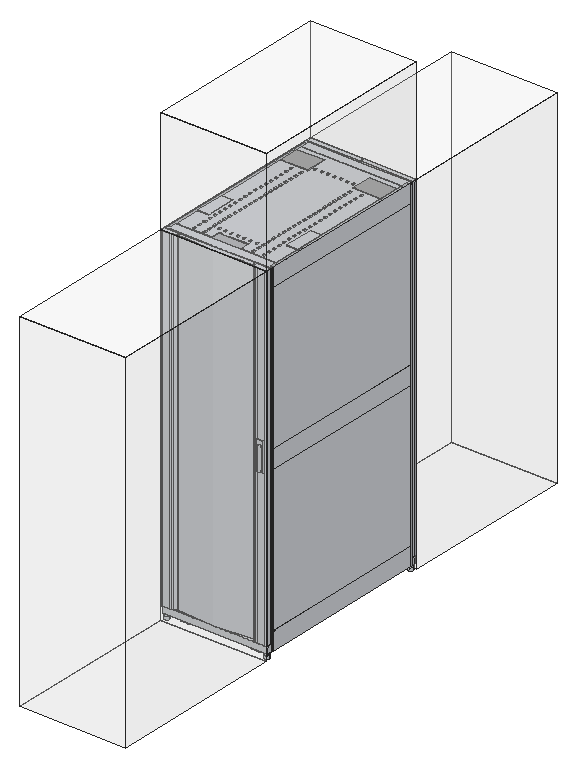
Revit family "BIM_NetShelter_SX_Series_Rack_Enclosure_21-jun-21", category Mechanical Equipment, Revit 2016
Family settings
  Part Type = Normal
  Round Connector Dimension = Use Diameter
  OmniClass Number = 23.75.00.00
  OmniClass Title = Climate Control (HVAC)
  Work Plane-Based = No
  Always vertical = Yes
  Cut with Voids When Loaded = No
  Shared = No
  Room Calculation Point = No
Parameters (values of type "AR3100 - NetShelter SX, 42U, 600mm Wide X 1070mm Depth")
  Width = 600 mm
  Wheel to Wheel-V = 941 mm
  W to W-H = 358 mm
  URL = "http://www.schneider-electric.com"
  Top Clearance = 600 mm
  Top Roof = 892 mm
  Slot 3 = no
  Slot 2 = no
  Slot 1 = yes
  Side Posts = Height - 36.5 mm  # 1954.5 mm
  Rear Clearance = 1000 mm
  Product URL = "https://www.apc.com/shop/in/en/products/APC-NetShelter-SX-42U-Server-Rack-Enclosure-600mm-x-1070mm-w-Sides-Black/P-AR3100"
  OSSS-L2 = 698 mm
  Number of small Slots L2 = 20
  Number of Small Slots L1 = 20
  Net Weight of Unit = 125.00 kg
  Model = "NetShelter SX"  # constant formula
  Manufacturer URL = "http://www.schneider-electric.com"
  Manufacturer = "Schneider-electric"  # constant formula
  Front Clearance = 1000 mm
  Foot to Foot-V = 1023 mm
  Foot to Foot-H = 570 mm
  Door1 = Height - 80.5 mm  # 1910.5 mm
  Door Radius = 1419 mm
  OSSS-L1 = 700 mm
  Length = 1070 mm
  Height = 1991 mm
  Handle to Handle = Length + 22 mm  # 1092 mm
  Door Width L1 = 431 mm
  Door = Height - 80.5 mm  # 1910.5 mm
  Description = "Racks and Enclosures"
  Default Elevation = 0 mm
  Cutout Width = 155 mm
  Cutout Height = 117 mm
  Cutout Distance = 590 mm
  Cutout 2 = no
  Cutout 1 = not(Cutout 2)  # yes
  Cut ref = 55 mm
  Copyright © = "©Schneider Electric"  # constant formula
  Clearance Visibility [instance] = yes
  Centre Slot = yes
  BS L5 = 773.5 mm
  BS-L3 = 531.5 mm
Reference planes
  plane 1 "Center (Front/Back)": y = 0
  plane 2: z = 0
  plane 3 "Center (Left/Right)": x = 0
  plane 4 "Height": z = 1991
  plane 5: y = -535
  plane 6 "Length": y = 535
  plane 7 "Brace Centre": z = 87.5
  plane 8 "Brace Centre2": z = 1014
  plane 9 "Brace Centre3": z = 1940.5
  plane 10: z = 1889.5
  plane 11: z = 963
  plane 12: z = 1065
  plane 13: z = 36.5
  plane 14: z = 138.5
  plane 15: z = 1888.5
  plane 16: z = 1066
  plane 17: z = 962
  plane 18: z = 139.5
  plane 19: z = 138.5
  plane 20 "Handle Depth Front": y = -546
  plane 21 "Max Depth Left": x = -300
  plane 22 "Max Depth Right": x = 300
  plane 23 "Door": z = 80.5
  plane 24: y = 0
  plane 25 "Roof Front": y = -444.5
  plane 26: y = -427.5
  plane 27: y = 272.5
  plane 28 "Big Slot1-front": y = -293
  plane 29 "Length-Front": y = -535
  plane 30 "Big Slot rear": y = 238.5
  plane 31 "Big slot2-Front": y = 67.5
  plane 32 "Roof Rear": y = 447.5
  plane 33 "Big Slot Left": x = -166.7
  plane 34 "Big Slot-Right": x = 166.7
  plane 35 "Top Cover-Left": x = -283.5
  plane 36 "Top Cover Right": x = 283.5
  plane 37 "Brace Thicness left": x = -299
  plane 38 "Brace Thickness Right": x = 299
  plane 39: x = -85.4
  plane 40: x = 85.4
  plane 41 "Big Slot-left": x = -232.5
  plane 42 "Big Slot Right": x = 232.5
  plane 43: x = 298.5
  plane 44: x = -298.5
  plane 45 "Door Thickness": y = -507
  plane 46 "Door Radius Part left": x = -215.5
  plane 47: x = 215.5
  plane 48: y = 2245.375
  plane 49 "OSSSL1-Left": x = -202.5
  plane 50 "OSSSL1-Right": x = 202.5
  plane 51 "L2-Front": y = -430
  plane 52 "L2-Rear": y = 268
  plane 53: y = -430
  plane 54 "Top Roof Thickness": z = 1990
  plane 55 "Handle depth rear": y = 546
  plane 56 "Foot to Foot Right": x = 285
  plane 57 "Foot to Foot Left": x = -285
  plane 58 "Handle Ref": x = 287
  plane 59 "Foot Front Verticle": y = -511.5
  plane 60 "Foot Rear Verticle": y = 511.5
  plane 61: y = 0
  plane 62 "Wheel Left": x = -179
  plane 63 "Wheel-Right": x = 179
  plane 64 "Wheel Rear": y = 470.5
  plane 65 "Wheel Front": y = -470.5
  plane 66 "Biggest Slot Front": y = 293
  plane 67 "Bigggest Slot-Rear": y = 410
  plane 68: z = 1991
  plane 69: z = 1990
Forms (mm)
  Extrusion 1, solid
    sketch origin (0, 0, 0) x (0, 1, 0) y (0, 0, -1)
      loop
        line (-483.197, -36.5) -> (-483.197, -138.5) -> (484.303, -138.5) -> (484.303, -36.5) -> (-483.197, -36.5)
      loop
        line (-483.197, -963) -> (-483.197, -1065) -> (484.303, -1065) -> (484.303, -963) -> (-483.197, -963)
      loop
        line (-483.197, -1889.5) -> (-483.197, -1991) -> (484.303, -1991) -> (484.303, -1889.5) -> (-483.197, -1889.5)
    from 299 to 300
  Extrusion 2, solid
    sketch origin (0, 0, 0) x (0, 1, 0) y (0, 0, -1)
      loop
        line (483.553, -962) -> (483.553, -139.5) -> (-482.445, -139.5) -> (-482.445, -962) -> (483.553, -962)
    from 299 to 300
  Extrusion 3, solid
    sketch origin (0, 0, 926.5) x (0, 1, 0) y (0, 0, -1)
      loop
        line (483.553, -962) -> (483.553, -139.5) -> (-482.445, -139.5) -> (-482.445, -962) -> (483.553, -962)
    from 299 to 300
  Extrusion 4, solid
    sketch origin (0, 0, 0) x (1, 0, 0) y (0, 1, 0)
      loop
        arc (-289.02, 535) -> (-295.535, 532.301) -> (-298.234, 525.786) r 9.214
        line (-298.234, 525.786) -> (-298.234, 506.95) -> (-1.734, 506.95) -> (-1.734, 523.264) -> (1.494, 523.264) -> (1.494, 506.95) -> (297.994, 506.95) -> (297.994, 525.723)
        arc (297.994, 525.723) -> (295.178, 532.421) -> (288.385, 535.002) r 9.225
        line (288.385, 535.002) -> (3.6, 535.002)
        arc (3.6, 535.002) -> (2.111, 534.386) -> (1.494, 532.897) r 2.105
        line (1.494, 532.897) -> (1.494, 526.05) -> (-1.734, 526.05) -> (-1.734, 532.898)
        arc (-1.734, 532.898) -> (-2.349, 534.384) -> (-3.835, 535) r 2.102
        line (-3.835, 535) -> (-289.02, 535)
    from 80.5 to 1991
  Extrusion 5, solid
    sketch origin (0, 0, 0) x (1, 0, 0) y (0, 1, 0)
      loop
        line (-299.42, 496.706) -> (-299.42, 486.954)
        arc (-299.42, 486.954) -> (-298.699, 485.214) -> (-296.959, 484.493) r 2.46
        line (-296.959, 484.493) -> (-285.13, 484.493) -> (-285.13, 450.44)
        arc (-285.13, 450.44) -> (-284.509, 448.781) -> (-282.923, 447.99) r 2.419
        line (-282.923, 447.99) -> (282.554, 447.99)
        arc (282.554, 447.99) -> (284.206, 448.674) -> (284.891, 450.327) r 2.337
        line (284.891, 450.327) -> (284.891, 484.503) -> (296.772, 484.503)
        arc (296.772, 484.503) -> (298.475, 485.208) -> (299.18, 486.911) r 2.408
        line (299.18, 486.911) -> (299.18, 496.714)
        arc (299.18, 496.714) -> (298.475, 498.417) -> (296.772, 499.122) r 2.408
        line (296.772, 499.122) -> (23.943, 499.122) -> (-274.1, 499.122) -> (-275.1, 499.122) -> (-297.012, 499.122)
        arc (-297.012, 499.122) -> (-298.717, 498.414) -> (-299.42, 496.706) r 2.408
    from 36.5 to 1991
  Extrusion 6, solid
    sketch origin (0, 0, 0) x (1, 0, 0) y (0, 1, 0)
      loop
        arc (-299.42, -496.706) -> (-298.717, -498.414) -> (-297.012, -499.122) r 2.408
        line (-297.012, -499.122) -> (-275.1, -499.122) -> (-274.1, -499.122) -> (23.943, -499.122) -> (296.772, -499.122)
        arc (296.772, -499.122) -> (298.475, -498.417) -> (299.18, -496.714) r 2.408
        line (299.18, -496.714) -> (299.18, -486.911)
        arc (299.18, -486.911) -> (298.475, -485.208) -> (296.772, -484.503) r 2.408
        line (296.772, -484.503) -> (284.891, -484.503) -> (284.891, -450.327)
        arc (284.891, -450.327) -> (284.206, -448.674) -> (282.554, -447.99) r 2.337
        line (282.554, -447.99) -> (-282.923, -447.99)
        arc (-282.923, -447.99) -> (-284.509, -448.781) -> (-285.13, -450.44) r 2.419
        line (-285.13, -450.44) -> (-285.13, -484.493) -> (-296.959, -484.493)
        arc (-296.959, -484.493) -> (-298.699, -485.214) -> (-299.42, -486.954) r 2.46
        line (-299.42, -486.954) -> (-299.42, -496.706)
    from 36.5 to 1991
  Extrusion 7, solid
    sketch origin (0, 0, 0) x (1, 0, 0) y (0, 1, 0)
      loop
        line (-299.943, -499.122) -> (-299.943, -523.249)
        arc (-299.943, -523.249) -> (-299.127, -525.218) -> (-297.153, -526.027) r 2.775
        line (-297.153, -526.027) -> (295.858, -526.027)
        arc (295.858, -526.027) -> (297.846, -525.204) -> (298.669, -523.216) r 2.812
        line (298.669, -523.216) -> (298.669, -499.122) -> (252.35, -499.122) -> (252.35, -416.046) -> (-253.424, -416.046) -> (-253.424, -499.122) -> (-299.943, -499.122)
      loop
        line (-299.959, 498.016) -> (-253.424, 498.016) -> (-253.424, 414.94) -> (252.35, 414.94) -> (252.35, 498.016) -> (298.645, 498.016) -> (298.645, 522.156)
        arc (298.645, 522.156) -> (297.831, 524.121) -> (295.866, 524.935) r 2.779
        line (295.866, 524.935) -> (-297.161, 524.935)
        arc (-297.161, 524.935) -> (-299.139, 524.114) -> (-299.959, 522.135) r 2.8
        line (-299.959, 522.135) -> (-299.959, 498.016)
    from 36.6 to 74.5
  Extrusion 8, solid
    sketch origin (0, 0, 0) x (0, 1, 0) y (0, 0, 1)
      loop
        line (-483.197, 36.5) -> (484.303, 36.5) -> (484.303, 138.5) -> (-483.197, 138.5) -> (-483.197, 36.5)
      loop
        line (-483.197, 963) -> (484.303, 963) -> (484.303, 1065) -> (-483.197, 1065) -> (-483.197, 963)
      loop
        line (-483.197, 1889.5) -> (484.303, 1889.5) -> (484.303, 1991) -> (-483.197, 1991) -> (-483.197, 1889.5)
    from 299 to 300
  Extrusion 9, solid
    sketch origin (0, 0, 926.5) x (0, 1, 0) y (0, 0, 1)
      loop
        line (483.553, 962) -> (-482.445, 962) -> (-482.445, 139.5) -> (483.553, 139.5) -> (483.553, 962)
    from 299 to 300
  Extrusion 10, solid
    sketch origin (0, 0, 0) x (0, 1, 0) y (0, 0, 1)
      loop
        line (483.553, 962) -> (-482.445, 962) -> (-482.445, 139.5) -> (483.553, 139.5) -> (483.553, 962)
    from 299 to 300
  Extrusion 11, solid
    sketch origin (0, -0.625, 0) x (1, 0, 0) y (0, 1, 0)
      loop
        arc (-215.5, -518.43) -> (0, -534.889) -> (215.5, -518.43) r 1419
        line (215.5, -518.43) -> (215.5, -506.375) -> (-215.5, -506.375) -> (-215.5, -518.43)
    from 80.5 to 1991
  Extrusion 12, solid, material "Schneider Electric - Clearance", visible <- "Clearance Visibility"
    sketch origin (0, 0, 0) x (1, 0, 0) y (0, 1, 0)
      loop
        line (-300, 535) -> (300, 535) -> (300, 1535) -> (-300, 1535) -> (-300, 535)
      loop
        line (-300, -535) -> (-300, -1535) -> (300, -1535) -> (300, -535) -> (-300, -535)
    from 0 to 1991
  Extrusion 13, solid, material "Schneider Electric - Clearance", visible <- "Clearance Visibility"
    sketch origin (0, 0, 0) x (1, 0, 0) y (0, 1, 0)
      loop
        line (-300, 535) -> (-300, -535) -> (300, -535) -> (300, 535) -> (-300, 535)
    from 1991 to 2591
  Extrusion 14, solid
    sketch origin (0, 0, 0) x (1, 0, 0) y (0, 1, 0)
      loop
        line (283.5, 447.5) -> (-283.5, 447.5) -> (-283.5, -444.5) -> (-84.823, -444.5) -> (-84.823, -389.5) -> (85.977, -389.5) -> (85.977, -444.5) -> (283.5, -444.5) -> (283.5, 447.5)
    from 1990 to 1991
Text (mm)
  text "RIGHT SIDE VIEW" at (0, -424.257, -622.627), in view "Right"
Dimensions and locks
  locked: plane 7 "Brace Centre" to plane 2 at 87.5
  equal spacing: plane 9 "Brace Centre3", plane 8 "Brace Centre2", plane 7 "Brace Centre"
  locked: plane 4 "Height" to plane 9 "Brace Centre3" at 50.5
  plane 7 "Brace Centre" to plane 13 = 51 mm
  plane 14 to plane 7 "Brace Centre" = 51 mm
  locked: plane 8 "Brace Centre2" to plane 11 at 51
  locked: plane 12 to plane 8 "Brace Centre2" at 51
  locked: plane 9 "Brace Centre3" to plane 10 at 51
  locked: plane 18 to plane 19 at 1
  locked: plane 11 to plane 17 at 1
  locked: plane 16 to plane 12 at 1
  locked: plane 10 to plane 15 at 1
  plane 13 to plane 2 = 36.5 mm
  locked: Extrusion 6 to plane 9 "Brace Centre3" at 50.5
  locked: Extrusion 5 to plane 9 "Brace Centre3" at 50.5
  "Width": plane 21 "Max Depth Left" to plane 22 "Max Depth Right"
  "OSSS-L1": plane 26 to plane 27
  "BS-L3": plane 28 "Big Slot1-front" to plane 30 "Big Slot rear"
  equal spacing: plane 29 "Length-Front", plane 24, plane 6 "Length"
  "Length": plane 29 "Length-Front" to plane 6 "Length"
  locked: plane 20 "Handle Depth Front" to plane 29 "Length-Front" at 11
  "Top Roof": plane 25 "Roof Front" to plane 32 "Roof Rear"
  plane 21 "Max Depth Left" to plane 35 "Top Cover-Left" = 16.5 mm
  plane 36 "Top Cover Right" to plane 22 "Max Depth Right" = 16.5 mm
  plane 35 "Top Cover-Left" to plane 33 "Big Slot Left" = 116.8 mm
  plane 34 "Big Slot-Right" to plane 36 "Top Cover Right" = 116.8 mm
  equal spacing: plane 21 "Max Depth Left", plane 3 "Center (Left/Right)", plane 22 "Max Depth Right"
  plane 21 "Max Depth Left" to plane 37 "Brace Thicness left" = 1 mm
  plane 38 "Brace Thickness Right" to plane 22 "Max Depth Right" = 1 mm
  locked: plane 39 to plane 40 at 170.8
  plane 35 "Top Cover-Left" to plane 41 "Big Slot-left" = 51 mm
  plane 42 "Big Slot Right" to plane 36 "Top Cover Right" = 51 mm
  equal spacing: plane 44, plane 3 "Center (Left/Right)", plane 43
  plane 44 to plane 43 = 597 mm
  locked: plane 29 "Length-Front" to plane 45 "Door Thickness" at 28
  equal spacing: plane 46 "Door Radius Part left", plane 3 "Center (Left/Right)", plane 47
  "Door Width L1": plane 46 "Door Radius Part left" to plane 47
  equal spacing: plane 49 "OSSSL1-Left", plane 3 "Center (Left/Right)", plane 50 "OSSSL1-Right"
  locked: plane 49 "OSSSL1-Left" to plane 50 "OSSSL1-Right" at 405
  locked: plane 29 "Length-Front" to plane 26 at 107.5
  "OSSS-L2": plane 53 to plane 52 "L2-Rear"
  locked: plane 29 "Length-Front" to plane 53 at 105
  locked: plane 4 "Height" to plane 54 "Top Roof Thickness" at 1
  "Handle to Handle": plane 55 "Handle depth rear" to plane 20 "Handle Depth Front"
  equal spacing: plane 57 "Foot to Foot Left", plane 3 "Center (Left/Right)", plane 56 "Foot to Foot Right"
  "Foot to Foot-H": plane 57 "Foot to Foot Left" to plane 56 "Foot to Foot Right"
  locked: plane 58 "Handle Ref" to plane 22 "Max Depth Right" at 13
  equal spacing: plane 59 "Foot Front Verticle", plane 61, plane 60 "Foot Rear Verticle"
  "Foot to Foot-V": plane 59 "Foot Front Verticle" to plane 60 "Foot Rear Verticle"
  locked: plane 29 "Length-Front" to plane 59 "Foot Front Verticle" at 23.5
  equal spacing: plane 62 "Wheel Left", plane 3 "Center (Left/Right)", plane 63 "Wheel-Right"
  "W to W-H": plane 62 "Wheel Left" to plane 63 "Wheel-Right"
  equal spacing: plane 65 "Wheel Front", plane 61, plane 64 "Wheel Rear"
  "Wheel to Wheel-V": plane 65 "Wheel Front" to plane 64 "Wheel Rear"
  "Height": plane 4 "Height" to plane 2
  "Rear Clearance": Extrusion 12 to plane 6 "Length"
  "Front Clearance": Extrusion 12 to plane 29 "Length-Front"
  "Top Clearance": Extrusion 13 to plane 4 "Height"
  locked: plane 66 "Biggest Slot Front" to plane 67 "Bigggest Slot-Rear" at 117
  locked: plane 67 "Bigggest Slot-Rear" to plane 32 "Roof Rear" at 37.5
  locked: plane 68 to plane 69 at 1
  "Cut ref": plane 25 "Roof Front" to Extrusion 14 sketch curve
  "Door Radius": radius of Extrusion 11 sketch curve
  aligned and locked: level to plane 2
  aligned and locked: Extrusion 3 to plane 21 "Max Depth Left"
  aligned and locked: Extrusion 2 to plane 21 "Max Depth Left"
  aligned and locked: plane 22 "Max Depth Right" to Extrusion 8
  aligned and locked: plane 21 "Max Depth Left" to Extrusion 2  (x2)
  aligned and locked: Extrusion 8 to plane 38 "Brace Thickness Right"
  aligned and locked: plane 37 "Brace Thicness left" to Extrusion 2
  aligned and locked: plane 22 "Max Depth Right" to Extrusion 9
  aligned and locked: Extrusion 9 to plane 38 "Brace Thickness Right"
  aligned and locked: Extrusion 10 to plane 38 "Brace Thickness Right"
  aligned and locked: plane 22 "Max Depth Right" to Extrusion 10
  aligned and locked: Extrusion 1 to plane 21 "Max Depth Left"
  aligned and locked: plane 37 "Brace Thicness left" to Extrusion 1
  aligned and locked: plane 21 "Max Depth Left" to Extrusion 3
  aligned and locked: plane 37 "Brace Thicness left" to Extrusion 3
  aligned and locked: nested 1 to plane 4 "Height"
  aligned and locked: plane 47 to Extrusion 11  (x2)
  aligned and locked: Extrusion 11 to plane 46 "Door Radius Part left"
  aligned and locked: Extrusion 11 to plane 45 "Door Thickness"
  aligned and locked: plane 46 "Door Radius Part left" to Extrusion 11
  aligned and locked: Extrusion 11 to plane 23 "Door"
  aligned and locked: plane 4 "Height" to Extrusion 11
  aligned and locked: Extrusion 11 to nested 3
  aligned and locked: nested 2 to Extrusion 11
  aligned and locked: nested 1 to Extrusion 1
  aligned and locked: nested 4 to plane 4 "Height"
  aligned and locked: nested 5 to Extrusion 4
  aligned and locked: nested 5 to plane 17
  aligned and locked: plane 57 "Foot to Foot Left" to nested 6
  aligned and locked: plane 11 to nested 7
  aligned and locked: nested 7 to nested 3
  aligned and locked: nested 7 to plane 58 "Handle Ref"
  aligned and locked: plane 60 "Foot Rear Verticle" to nested 6
  aligned and locked: plane 59 "Foot Front Verticle" to nested 6
  aligned and locked: plane 64 "Wheel Rear" to nested 8
  aligned and locked: plane 62 "Wheel Left" to nested 8  (x2)
  aligned and locked: Extrusion 12 sketch curve to plane 21 "Max Depth Left"
  aligned and locked: plane 22 "Max Depth Right" to Extrusion 12 sketch curve
  aligned and locked: plane 6 "Length" to Extrusion 12 sketch curve
  aligned and locked: plane 29 "Length-Front" to Extrusion 12 sketch curve
  aligned and locked: Extrusion 12 sketch curve to plane 22 "Max Depth Right"
  aligned and locked: Extrusion 12 to plane 4 "Height"
  aligned and locked: plane 4 "Height" to Extrusion 12
  aligned and locked: plane 4 "Height" to Extrusion 13
  aligned and locked: plane 4 "Height" to Extrusion 6
  aligned and locked: plane 21 "Max Depth Left" to Extrusion 12 sketch curve
  aligned and locked: plane 4 "Height" to Extrusion 4
  aligned and locked: plane 28 "Big Slot1-front" to nested 1
  aligned and locked: plane 3 "Center (Left/Right)" to nested 4
  aligned and locked: Extrusion 14 sketch curve to plane 32 "Roof Rear"
  aligned and locked: plane 36 "Top Cover Right" to Extrusion 14 sketch curve
  aligned and locked: Extrusion 14 sketch curve to nested 4
  aligned and locked: nested 4 to Extrusion 14 sketch curve
  aligned and locked: Extrusion 14 sketch curve to plane 35 "Top Cover-Left"
  aligned and locked: plane 35 "Top Cover-Left" to nested 1
  aligned and locked: nested 10 to plane 36 "Top Cover Right"
  aligned and locked: plane 68 to Extrusion 14
  aligned and locked: Extrusion 14 to plane 69
  aligned and locked: plane 69 to plane 54 "Top Roof Thickness"
  aligned and locked: nested 1 to nested 10
Automatic sketch dimensions
  Extrusion 1 sketch curve to plane 13 = 0 mm
  Extrusion 1 sketch curve to plane 10 = 0 mm
  Extrusion 1 sketch curve to plane 4 "Height" = 0 mm
  Extrusion 1 sketch curve to plane 11 = 0 mm
  Extrusion 1 sketch curve to plane 14 = 0 mm
  Extrusion 1 sketch curve to plane 12 = 0 mm
  plane 25 "Roof Front" to Extrusion 1 sketch curve = 38.697 mm  (x3)
  Extrusion 1 sketch curve to plane 32 "Roof Rear" = 36.803 mm  (x3)
  Extrusion 2 sketch curve to plane 17 = 0 mm
  Extrusion 2 sketch curve to plane 18 = 0 mm
  plane 25 "Roof Front" to Extrusion 2 sketch curve = 37.945 mm
  Extrusion 2 sketch curve to plane 32 "Roof Rear" = 36.053 mm
  Extrusion 3 sketch curve to plane 15 = 0 mm
  Extrusion 3 sketch curve to plane 16 = 0 mm
  plane 25 "Roof Front" to Extrusion 3 sketch curve = 37.945 mm
  Extrusion 3 sketch curve to plane 32 "Roof Rear" = 36.053 mm
  plane 21 "Max Depth Left" to Extrusion 4 sketch curve = 1.766 mm
  plane 6 "Length" to Extrusion 4 sketch curve = 0 mm
  Extrusion 4 sketch curve to plane 35 "Top Cover-Left" = 5.52 mm
  plane 6 "Length" to Extrusion 4 sketch curve = 2.102 mm
  Extrusion 4 sketch curve to plane 3 "Center (Left/Right)" = 3.835 mm
  Extrusion 4 sketch curve to plane 3 "Center (Left/Right)" = 1.734 mm
  plane 3 "Center (Left/Right)" to Extrusion 4 sketch curve = 1.494 mm  (x2)
  Extrusion 4 sketch curve to Extrusion 4 sketch curve = 2.105 mm
  Extrusion 4 sketch curve to plane 6 "Length" = 0.002 mm
  plane 36 "Top Cover Right" to Extrusion 4 sketch curve = 4.885 mm
  plane 36 "Top Cover Right" to Extrusion 4 sketch curve = 5.269 mm
  Extrusion 4 sketch curve to plane 22 "Max Depth Right" = 2.006 mm
  Extrusion 4 sketch curve to Extrusion 4 sketch curve = 6.848 mm
  Extrusion 4 sketch curve to Extrusion 4 sketch curve = 9.214 mm
  Extrusion 4 sketch curve to Extrusion 4 sketch curve = 9.217 mm
  Extrusion 4 sketch curve to Extrusion 4 sketch curve = 2.786 mm
  Extrusion 4 sketch curve to Extrusion 4 sketch curve = 16.314 mm
  Extrusion 4 sketch curve to Extrusion 4 sketch curve = 18.836 mm
  Extrusion 4 sketch curve to Extrusion 4 sketch curve = 0 mm
  plane 21 "Max Depth Left" to Extrusion 5 sketch curve = 0.58 mm
  Extrusion 5 sketch curve to Extrusion 5 sketch curve = 2.408 mm
  plane 21 "Max Depth Left" to Extrusion 5 sketch curve = 3.041 mm
  Extrusion 5 sketch curve to plane 35 "Top Cover-Left" = 1.63 mm
  plane 35 "Top Cover-Left" to Extrusion 5 sketch curve = 0.577 mm
  plane 35 "Top Cover-Left" to Extrusion 5 sketch curve = 0.789 mm
  plane 35 "Top Cover-Left" to Extrusion 5 sketch curve = 8.4 mm
  Extrusion 5 sketch curve to Extrusion 5 sketch curve = 1 mm
  plane 3 "Center (Left/Right)" to Extrusion 5 sketch curve = 23.943 mm
  Extrusion 5 sketch curve to plane 36 "Top Cover Right" = 0.946 mm
  plane 36 "Top Cover Right" to Extrusion 5 sketch curve = 1.391 mm
  Extrusion 5 sketch curve to plane 22 "Max Depth Right" = 3.228 mm  (x2)
  Extrusion 5 sketch curve to plane 22 "Max Depth Right" = 0.82 mm
  Extrusion 5 sketch curve to plane 32 "Roof Rear" = 0.49 mm
  Extrusion 5 sketch curve to Extrusion 5 sketch curve = 2.409 mm
  Extrusion 5 sketch curve to Extrusion 5 sketch curve = 34.053 mm
  Extrusion 5 sketch curve to Extrusion 5 sketch curve = 34.176 mm
  Extrusion 5 sketch curve to Extrusion 5 sketch curve = 9.752 mm
  Extrusion 5 sketch curve to Extrusion 5 sketch curve = 9.803 mm
  Extrusion 5 sketch curve to Extrusion 5 sketch curve = 0.008 mm
  Extrusion 5 sketch curve to Extrusion 5 sketch curve = 0 mm
  Extrusion 6 sketch curve to plane 21 "Max Depth Left" = 0.58 mm
  Extrusion 6 sketch curve to Extrusion 6 sketch curve = 2.408 mm
  Extrusion 6 sketch curve to plane 21 "Max Depth Left" = 3.041 mm
  plane 35 "Top Cover-Left" to Extrusion 6 sketch curve = 1.63 mm
  Extrusion 6 sketch curve to plane 35 "Top Cover-Left" = 0.577 mm
  Extrusion 6 sketch curve to plane 35 "Top Cover-Left" = 0.789 mm
  Extrusion 6 sketch curve to plane 35 "Top Cover-Left" = 8.4 mm
  Extrusion 6 sketch curve to Extrusion 6 sketch curve = 1 mm
  Extrusion 6 sketch curve to plane 3 "Center (Left/Right)" = 23.943 mm
  plane 36 "Top Cover Right" to Extrusion 6 sketch curve = 0.946 mm
  Extrusion 6 sketch curve to plane 36 "Top Cover Right" = 1.391 mm
  plane 22 "Max Depth Right" to Extrusion 6 sketch curve = 3.228 mm  (x2)
  plane 22 "Max Depth Right" to Extrusion 6 sketch curve = 0.82 mm
  Extrusion 6 sketch curve to plane 25 "Roof Front" = 3.49 mm
  Extrusion 6 sketch curve to Extrusion 6 sketch curve = 2.409 mm
  Extrusion 6 sketch curve to Extrusion 6 sketch curve = 34.053 mm
  Extrusion 6 sketch curve to Extrusion 6 sketch curve = 34.176 mm
  Extrusion 6 sketch curve to Extrusion 6 sketch curve = 9.752 mm
  Extrusion 6 sketch curve to Extrusion 6 sketch curve = 9.803 mm
  Extrusion 6 sketch curve to Extrusion 6 sketch curve = 0.008 mm
  Extrusion 6 sketch curve to Extrusion 6 sketch curve = 0 mm
  plane 21 "Max Depth Left" to Extrusion 7 sketch curve = 0.041 mm
  plane 21 "Max Depth Left" to Extrusion 7 sketch curve = 0.057 mm
  Extrusion 7 sketch curve to Extrusion 7 sketch curve = 2.775 mm
  plane 21 "Max Depth Left" to Extrusion 7 sketch curve = 2.839 mm
  Extrusion 7 sketch curve to Extrusion 7 sketch curve = 0.003 mm
  Extrusion 7 sketch curve to Extrusion 7 sketch curve = 0.015 mm
  plane 35 "Top Cover-Left" to Extrusion 7 sketch curve = 30.076 mm  (x2)
  Extrusion 7 sketch curve to plane 26 = 11.454 mm
  Extrusion 7 sketch curve to plane 36 "Top Cover Right" = 31.15 mm  (x2)
  Extrusion 7 sketch curve to plane 22 "Max Depth Right" = 4.142 mm
  Extrusion 7 sketch curve to plane 22 "Max Depth Right" = 4.134 mm
  Extrusion 7 sketch curve to plane 22 "Max Depth Right" = 1.355 mm
  Extrusion 7 sketch curve to plane 22 "Max Depth Right" = 1.331 mm
  Extrusion 7 sketch curve to plane 5 = 35.878 mm  (x2)
  Extrusion 7 sketch curve to plane 5 = 11.784 mm
  Extrusion 7 sketch curve to Extrusion 7 sketch curve = 2.779 mm
  plane 32 "Roof Rear" to Extrusion 7 sketch curve = 32.56 mm
  plane 6 "Length" to Extrusion 7 sketch curve = 36.984 mm  (x2)
  plane 6 "Length" to Extrusion 7 sketch curve = 12.865 mm
  Extrusion 8 sketch curve to plane 13 = 0 mm
  Extrusion 8 sketch curve to plane 10 = 0 mm
  Extrusion 8 sketch curve to plane 4 "Height" = 0 mm
  Extrusion 8 sketch curve to plane 11 = 0 mm
  Extrusion 8 sketch curve to plane 14 = 0 mm
  Extrusion 8 sketch curve to plane 12 = 0 mm
  plane 25 "Roof Front" to Extrusion 8 sketch curve = 38.697 mm  (x3)
  Extrusion 8 sketch curve to plane 32 "Roof Rear" = 36.803 mm  (x3)
  Extrusion 9 sketch curve to plane 15 = 0 mm
  Extrusion 9 sketch curve to plane 16 = 0 mm
  plane 25 "Roof Front" to Extrusion 9 sketch curve = 37.945 mm
  Extrusion 9 sketch curve to plane 32 "Roof Rear" = 36.053 mm
  Extrusion 10 sketch curve to plane 17 = 0 mm
  Extrusion 10 sketch curve to plane 18 = 0 mm
  plane 25 "Roof Front" to Extrusion 10 sketch curve = 37.945 mm
  Extrusion 10 sketch curve to plane 32 "Roof Rear" = 36.053 mm
  plane 5 to Extrusion 13 sketch curve = 0 mm
  Extrusion 13 sketch curve to plane 21 "Max Depth Left" = 0 mm
  Extrusion 13 sketch curve to plane 22 "Max Depth Right" = 0 mm
  plane 6 "Length" to Extrusion 13 sketch curve = 0 mm
  plane 55 "Handle depth rear" to Extrusion 12 sketch curve = 989 mm
  plane 20 "Handle Depth Front" to Extrusion 12 sketch curve = 989 mm
  plane 45 "Door Thickness" to Extrusion 11 sketch curve = 0 mm
  Extrusion 11 sketch curve to plane 46 "Door Radius Part left" = 0 mm
  Extrusion 11 sketch curve to plane 3 "Center (Left/Right)" = 0 mm
  Extrusion 11 sketch curve to plane 47 = 0 mm
  plane 59 "Foot Front Verticle" to Extrusion 11 sketch curve = 7.555 mm
  plane 39 to Extrusion 14 sketch curve = 0.577 mm
  plane 40 to Extrusion 14 sketch curve = 0.577 mm
Nested families
  nested 1: "Big Slot1" at (-283.5, -293, 1991), type "Big Slot1"
    with Slot 1 yes, Distance Reference 58.5 mm, Cutout Width 155 mm, Cutout Height 117 mm, Cutout Distance 590 mm
  nested 2: "Door Part left" at (75, -535.05, 0), type "Door Part left"
    with Door1 1910.5 mm
  nested 3: "Door Part left" at (-75, -535.05, 0) x (-1, 0, 0) z (0, 0, 1), type "Door Part left"
    with Door1 1910.5 mm
  nested 4: "Small Slots Array1" at (-283.5, -444.5, 1991), type "Small Slots Array1"
    with built-in parameter 1001306 7.2178 (stored number, unit not read), OSSSL2 698 mm, OSSSL1 700 mm
  nested 5: "Handle" at (232.5, 0, 5.133) x (-1, 0, 0) z (0, 0, 1), type "Handle"
  nested 6: "Foot-Nested" at (0, 0, 0), type "Foot-Nested"
  nested 7: "Handle" at (541.314, -0.05, 6.133) x (-1, 0, 0) z (0, 0, 1), type "Handle", detail levels fine
  nested 8: "Wheel-Nested" at (0, 0, 0), type "Wheel-Nested"
  nested 9: "Family1" at (3.5, 65, 0), type "Family1"
  nested 10: "Big Slot1" at (283.5, -293, 1991) x (-1, 0, 0) z (0, 0, 1), type "Big Slot1"
    with Slot 1 yes, Distance Reference 58.5 mm, Cutout Width 155 mm, Cutout Height 117 mm, Cutout Distance 590 mm
Connectors
  electrical at (-253.5, -207.5, 1992)
    settings: on nested 1, index 3, voltage 0 V, apparent load 0 VA, apparent load phase1 0 VA, apparent load phase2 0 VA, apparent load phase3 0 VA, power factor 1, load classification "Other", number of poles 1, system type 14, power factor state 1, is connector primary yes, connector utility no, sub classification motor no, connector description "Network Inlet"
  electrical at (253.5, -207.5, 1992)
    settings: on nested 10, index 6, voltage 0 V, apparent load 0 VA, apparent load phase1 0 VA, apparent load phase2 0 VA, apparent load phase3 0 VA, power factor 1, load classification "Other", number of poles 1, system type 14, power factor state 1, is connector primary no, connector utility no, sub classification motor no, connector description "Network Inlet"
  electrical at (-211, 355.5, 1992)
    settings: on nested 1, index 7, voltage 0 V, apparent load 0 VA, apparent load phase1 0 VA, apparent load phase2 0 VA, apparent load phase3 0 VA, power factor 1, load classification "Other", number of poles 1, system type 30, power factor state 1, is connector primary no, connector utility no, sub classification motor no, connector description "Power Connector"
  electrical at (211, 355.5, 1992)
    settings: on nested 10, index 8, voltage 0 V, apparent load 0 VA, apparent load phase1 0 VA, apparent load phase2 0 VA, apparent load phase3 0 VA, power factor 1, load classification "Other", number of poles 1, system type 30, power factor state 1, is connector primary no, connector utility no, sub classification motor no, connector description "Power Connector"
Definition of nested family "Big Slot1"
  Parameters (values of type "Big Slot1")
    Slot 3 = no
    Slot 2 = no
    Slot 1 = no
    Distance Reference = if(Cutout 1 Visibility, Cutout Height / 2, (Cutout Height + 100 mm))  # 120 mm
    Cutout Width = 145 mm
    Cutout Height = 240 mm
    Cutout Distance = 428 mm
    Cutout 2 Visibility = no
    Cutout 1 Visibility = yes
  Reference planes
    plane 1 "Center (Front/Back)": y = 0
    plane 2: z = 0
    plane 3 "Center (Left/Right)": x = 0
    plane 4: y = 180
    plane 5: x = 60
    plane 6: x = 145
    plane 7: y = 428
    plane 8: y = 668
    plane 9: y = 428
    plane 10: y = -151
    plane 11: y = 548
  Forms (mm)
    Extrusion 1, solid, visible <- "Slot 1"
      sketch origin (200, -200, 0) x (1, 0, 0) y (0, 1, 0)
        loop
          line (-140, 371) -> (-200, 371) -> (-200, 200) -> (-140, 200) -> (-140, 371)
      from 0 to 1
    Extrusion 2, solid, visible <- "Slot 3"
      sketch origin (159.641, 107.357, 0) x (1, 0, 0) y (0, 1, 0)
        loop
          line (-99.641, 243.643) -> (-159.641, 243.643) -> (-159.641, 72.643) -> (-99.641, 72.643) -> (-99.641, 243.643)
      from 0 to 1
    Extrusion 3, solid, visible <- "Slot 2"
      sketch origin (109.969, 287.357, 0) x (1, 0, 0) y (0, 1, 0)
        loop
          line (-49.969, 243.643) -> (-109.969, 243.643) -> (-109.969, 72.643) -> (-49.969, 72.643) -> (-49.969, 243.643)
      from 0 to 1
    Extrusion 4, solid, visible <- "Cutout 1 Visibility"
      sketch origin (0, 0, 0) x (1, 0, 0) y (0, 1, 0)
        loop
          line (0, 668) -> (0, 428) -> (145, 428) -> (145, 668) -> (0, 668)
      from 0 to 1
    Extrusion 5, solid, visible <- "Cutout 2 Visibility"
      sketch origin (0, 0, 0) x (1, 0, 0) y (0, 1, 0)
        loop
          line (0, 869.463) -> (0, 667.963) -> (145, 667.963) -> (145, 869.463) -> (0, 869.463)
        loop
          line (0, 428) -> (0, -151) -> (145, -151) -> (145, 428) -> (0, 428)
      from 0 to 1
    Extrusion 6, solid, not visible
      sketch origin (0, 0, 0) x (1, 0, 0) y (0, 1, 0)
        loop
          circle (72.5, 548) r 5
      from 0 to 1
  Dimensions and locks
    locked: Extrusion 1 sketch curve to Extrusion 1 sketch curve at 171
    locked: Extrusion 2 sketch curve to Extrusion 2 sketch curve at 171
    locked: Extrusion 3 sketch curve to Extrusion 3 sketch curve at 171
    locked: plane 3 "Center (Left/Right)" to Extrusion 1 sketch curve at 60
    locked: plane 3 "Center (Left/Right)" to plane 5 at 60
    "Cutout Distance": plane 1 "Center (Front/Back)" to plane 7
    "Cutout Width": plane 3 "Center (Left/Right)" to plane 6
    "Cutout Height": plane 8 to plane 7
    locked: plane 10 to plane 9 at 579
    locked: Extrusion 5 sketch curve to plane 8 at 201.463
    "Distance Reference": plane 11 to plane 7
    radius of Extrusion 6 sketch curve = 5 mm
    aligned and locked: level to plane 2
    aligned and locked: plane 3 "Center (Left/Right)" to Extrusion 1  (x2)
    aligned and locked: plane 1 "Center (Front/Back)" to Extrusion 1
    aligned and locked: plane 3 "Center (Left/Right)" to Extrusion 2
    aligned and locked: Extrusion 2 to plane 4
    aligned and locked: plane 3 "Center (Left/Right)" to Extrusion 3
    aligned and locked: Extrusion 2 sketch curve to plane 3 "Center (Left/Right)"
    aligned and locked: Extrusion 1 to Extrusion 2 sketch curve
    aligned and locked: Extrusion 3 sketch curve to plane 3 "Center (Left/Right)"
    aligned and locked: Extrusion 2 to Extrusion 3 sketch curve
    aligned and locked: plane 5 to Extrusion 1
    aligned and locked: Extrusion 4 to plane 3 "Center (Left/Right)"
    aligned and locked: Extrusion 4 to plane 7
    aligned and locked: plane 6 to Extrusion 4
    aligned and locked: plane 8 to Extrusion 4
    aligned and locked: plane 9 to Extrusion 5 sketch curve
    aligned and locked: plane 10 to Extrusion 5 sketch curve
    aligned and locked: plane 3 "Center (Left/Right)" to Extrusion 5 sketch curve  (x2)
    aligned and locked: Extrusion 5 sketch curve to plane 6  (x2)
    aligned and locked: plane 9 to plane 7
    aligned and locked: plane 11 to Extrusion 6 sketch curve
    aligned and locked: Extrusion 4 to Extrusion 6
  Automatic sketch dimensions
    Extrusion 1 sketch curve to plane 3 "Center (Left/Right)" = 0 mm
    plane 1 "Center (Front/Back)" to Extrusion 1 sketch curve = 0 mm
    Extrusion 2 sketch curve to plane 4 = 0 mm
    plane 4 to Extrusion 3 sketch curve = 180 mm
    Extrusion 4 sketch curve to plane 3 "Center (Left/Right)" = 0 mm
    Extrusion 4 sketch curve to plane 6 = 0 mm
    plane 7 to Extrusion 4 sketch curve = 0 mm
    plane 8 to Extrusion 4 sketch curve = 0 mm
    Extrusion 5 sketch curve to plane 8 = 0.037 mm
    plane 5 to Extrusion 6 sketch curve = 12.5 mm
Definition of nested family "Door Part left"
  Parameters (values of type "Door Part left")
    Door1 = 2043.5 mm
  Reference planes
    plane 1 "Center (Front/Back)": y = 0
    plane 2: z = 80.5
    plane 3 "Center (Left/Right)": x = 0
    plane 4: x = -373.5
    plane 5: x = 373.5
    plane 6: z = 2124
    plane 7: z = -3740.5
  Forms (mm)
    Extrusion 1, solid
      sketch origin (0, 0, 0) x (1, 0, 0) y (0, 1, 0)
        loop
          line (-373.384, 28.05) -> (-290.5, 28.05) -> (-290.5, 16.634)
          arc (-290.5, 16.634) -> (-291.063, 16.686) -> (-291.626, 16.635) r 3.101
          arc (-291.626, 16.635) -> (-292.052, 16.506) -> (-292.448, 16.304) r 2.5
          line (-292.448, 16.304) -> (-293.661, 15.544)
          arc (-293.661, 15.544) -> (-300.123, 11.36) -> (-306.461, 6.992) r 266.403
          arc (-306.461, 6.992) -> (-310.013, 4.64) -> (-313.803, 2.694) r 38.551
          arc (-313.803, 2.694) -> (-319.504, 0.686) -> (-325.51, 0) r 26.941
          line (-325.51, 0) -> (-363.916, 0)
          arc (-363.916, 0) -> (-370.694, 2.817) -> (-373.5, 9.6) r 9.6
          line (-373.5, 9.6) -> (-373.5, 28.05)
      from 80.5 to 2124
  Dimensions and locks
    "Door1": plane 6 to plane 2
    aligned and locked: Extrusion 1 to plane 2
    aligned and locked: plane 6 to Extrusion 1
    aligned and locked: plane 2 to Extrusion 1
  Automatic sketch dimensions
    Extrusion 1 sketch curve to plane 4 = 0 mm
    Extrusion 1 sketch curve to plane 1 "Center (Front/Back)" = 0 mm
    plane 4 to Extrusion 1 sketch curve = 9.584 mm
    Extrusion 1 sketch curve to plane 1 "Center (Front/Back)" = 9.6 mm
    plane 4 to Extrusion 1 sketch curve = 44.011 mm
    Extrusion 1 sketch curve to Extrusion 1 sketch curve = 3.943 mm
    Extrusion 1 sketch curve to Extrusion 1 sketch curve = 0.036 mm
    Extrusion 1 sketch curve to plane 1 "Center (Front/Back)" = 15.544 mm
    Extrusion 1 sketch curve to Extrusion 1 sketch curve = 31.885 mm
    Extrusion 1 sketch curve to plane 1 "Center (Front/Back)" = 16.304 mm
    Extrusion 1 sketch curve to Extrusion 1 sketch curve = 1.213 mm
    Extrusion 1 sketch curve to Extrusion 1 sketch curve = 1.328 mm
    Extrusion 1 sketch curve to Extrusion 1 sketch curve = 0.054 mm
    Extrusion 1 sketch curve to Extrusion 1 sketch curve = 1.948 mm
    Extrusion 1 sketch curve to plane 3 "Center (Left/Right)" = 152.124 mm
    plane 1 "Center (Front/Back)" to Extrusion 1 sketch curve = 210.15 mm
    Extrusion 1 sketch curve to Extrusion 1 sketch curve = 2.72 mm
    Extrusion 1 sketch curve to Extrusion 1 sketch curve = 0.602 mm
    Extrusion 1 sketch curve to Extrusion 1 sketch curve = 0.329 mm
    Extrusion 1 sketch curve to plane 1 "Center (Front/Back)" = 26.941 mm
    Extrusion 1 sketch curve to Extrusion 1 sketch curve = 11.416 mm
    Extrusion 1 sketch curve to Extrusion 1 sketch curve = 10.968 mm
    Extrusion 1 sketch curve to Extrusion 1 sketch curve = 0.116 mm
    Extrusion 1 sketch curve to plane 1 "Center (Front/Back)" = 2.694 mm
    Extrusion 1 sketch curve to Extrusion 1 sketch curve = 0 mm
Definition of nested family "Small Slots Array1"
  Parameters (values of type "Small Slots Array1")
    Slot_1 = yes
    RSSBL4 = 225 mm
    OSSSL2 = 800 mm
    OSSSL1 = 800 mm
    Number of Small slots rear = 7
    Number of Small Slots-Inside = 20
    Number of Small Slots -Outside = 20
    built-in parameter 1001306 [instance] = 567 mm
  Reference planes
    plane 1 "Center (Front/Back)": y = 0
    plane 2: z = 0
    plane 3 "Left": x = 0
    plane 4 "Right": x = 567
    plane 5: y = 17
    plane 6: y = 14.5
    plane 7 "OSSSL2-Front": y = 14.5
    plane 8: y = 814.5
    plane 9: y = 814.5
    plane 10: y = 775.581
    plane 11: x = 283.5
    plane 12: x = 396
    plane 13: x = 171
    plane 14: y = 88.5
    plane 15: y = 102.782
  Forms (mm)
    Extrusion 1, solid
      sketch origin (0, 0, 0) x (1, 0, 0) y (0, 1, 0)
        loop
          line (91, 25.981) -> (81, 25.981) -> (81, 16.981) -> (91, 16.981) -> (91, 25.981)
        loop
          line (486, 25.981) -> (476, 25.981) -> (476, 16.981) -> (486, 16.981) -> (486, 25.981)
      from 0 to 1
    Extrusion 2, solid
      sketch origin (0, 0, 0) x (1, 0, 0) y (0, 1, 0)
        loop
          line (139, 28.481) -> (139, 14.481) -> (148.8, 14.481) -> (148.8, 28.481) -> (139, 28.481)
        loop
          line (428, 14.481) -> (428, 28.481) -> (418.2, 28.481) -> (418.2, 14.481) -> (428, 14.481)
      from 0 to 1
    Extrusion 3, solid
      sketch origin (0, 786.019, 0) x (1, 0, 0) y (0, 1, 0)
        loop
          line (139, 28.481) -> (139, 14.481) -> (148.8, 14.481) -> (148.8, 28.481) -> (139, 28.481)
        loop
          line (428, 14.481) -> (428, 28.481) -> (418.2, 28.481) -> (418.2, 14.481) -> (428, 14.481)
      from 0 to 1
    Extrusion 4, solid
      sketch origin (0, 41.369, 0) x (1, 0, 0) y (0, 1, 0)
        loop
          line (139, 28.481) -> (139, 14.481) -> (148.8, 14.481) -> (148.8, 28.481) -> (139, 28.481)
        loop
          line (428, 14.481) -> (428, 28.481) -> (418.2, 28.481) -> (418.2, 14.481) -> (428, 14.481)
      from 0 to 1
    Extrusion 5, solid
      sketch origin (0, 82.739, 0) x (1, 0, 0) y (0, 1, 0)
        loop
          line (139, 28.481) -> (139, 14.481) -> (148.8, 14.481) -> (148.8, 28.481) -> (139, 28.481)
        loop
          line (428, 14.481) -> (428, 28.481) -> (418.2, 28.481) -> (418.2, 14.481) -> (428, 14.481)
      from 0 to 1
    Extrusion 6, solid
      sketch origin (0, 124.108, 0) x (1, 0, 0) y (0, 1, 0)
        loop
          line (139, 28.481) -> (139, 14.481) -> (148.8, 14.481) -> (148.8, 28.481) -> (139, 28.481)
        loop
          line (428, 14.481) -> (428, 28.481) -> (418.2, 28.481) -> (418.2, 14.481) -> (428, 14.481)
      from 0 to 1
    Extrusion 7, solid
      sketch origin (0, 165.478, 0) x (1, 0, 0) y (0, 1, 0)
        loop
          line (139, 28.481) -> (139, 14.481) -> (148.8, 14.481) -> (148.8, 28.481) -> (139, 28.481)
        loop
          line (428, 14.481) -> (428, 28.481) -> (418.2, 28.481) -> (418.2, 14.481) -> (428, 14.481)
      from 0 to 1
    Extrusion 8, solid
      sketch origin (0, 206.847, 0) x (1, 0, 0) y (0, 1, 0)
        loop
          line (139, 28.481) -> (139, 14.481) -> (148.8, 14.481) -> (148.8, 28.481) -> (139, 28.481)
        loop
          line (428, 14.481) -> (428, 28.481) -> (418.2, 28.481) -> (418.2, 14.481) -> (428, 14.481)
      from 0 to 1
    Extrusion 9, solid
      sketch origin (0, 248.217, 0) x (1, 0, 0) y (0, 1, 0)
        loop
          line (139, 28.481) -> (139, 14.481) -> (148.8, 14.481) -> (148.8, 28.481) -> (139, 28.481)
        loop
          line (428, 14.481) -> (428, 28.481) -> (418.2, 28.481) -> (418.2, 14.481) -> (428, 14.481)
      from 0 to 1
    Extrusion 10, solid
      sketch origin (0, 289.586, 0) x (1, 0, 0) y (0, 1, 0)
        loop
          line (139, 28.481) -> (139, 14.481) -> (148.8, 14.481) -> (148.8, 28.481) -> (139, 28.481)
        loop
          line (428, 14.481) -> (428, 28.481) -> (418.2, 28.481) -> (418.2, 14.481) -> (428, 14.481)
      from 0 to 1
    Extrusion 11, solid
      sketch origin (0, 330.955, 0) x (1, 0, 0) y (0, 1, 0)
        loop
          line (139, 28.481) -> (139, 14.481) -> (148.8, 14.481) -> (148.8, 28.481) -> (139, 28.481)
        loop
          line (428, 14.481) -> (428, 28.481) -> (418.2, 28.481) -> (418.2, 14.481) -> (428, 14.481)
      from 0 to 1
    Extrusion 12, solid
      sketch origin (0, 372.325, 0) x (1, 0, 0) y (0, 1, 0)
        loop
          line (139, 28.481) -> (139, 14.481) -> (148.8, 14.481) -> (148.8, 28.481) -> (139, 28.481)
        loop
          line (428, 14.481) -> (428, 28.481) -> (418.2, 28.481) -> (418.2, 14.481) -> (428, 14.481)
      from 0 to 1
    Extrusion 13, solid
      sketch origin (0, 413.694, 0) x (1, 0, 0) y (0, 1, 0)
        loop
          line (139, 28.481) -> (139, 14.481) -> (148.8, 14.481) -> (148.8, 28.481) -> (139, 28.481)
        loop
          line (428, 14.481) -> (428, 28.481) -> (418.2, 28.481) -> (418.2, 14.481) -> (428, 14.481)
      from 0 to 1
    Extrusion 14, solid
      sketch origin (0, 455.064, 0) x (1, 0, 0) y (0, 1, 0)
        loop
          line (139, 28.481) -> (139, 14.481) -> (148.8, 14.481) -> (148.8, 28.481) -> (139, 28.481)
        loop
          line (428, 14.481) -> (428, 28.481) -> (418.2, 28.481) -> (418.2, 14.481) -> (428, 14.481)
      from 0 to 1
    Extrusion 15, solid
      sketch origin (0, 496.433, 0) x (1, 0, 0) y (0, 1, 0)
        loop
          line (139, 28.481) -> (139, 14.481) -> (148.8, 14.481) -> (148.8, 28.481) -> (139, 28.481)
        loop
          line (428, 14.481) -> (428, 28.481) -> (418.2, 28.481) -> (418.2, 14.481) -> (428, 14.481)
      from 0 to 1
    Extrusion 16, solid
      sketch origin (0, 537.803, 0) x (1, 0, 0) y (0, 1, 0)
        loop
          line (139, 28.481) -> (139, 14.481) -> (148.8, 14.481) -> (148.8, 28.481) -> (139, 28.481)
        loop
          line (428, 14.481) -> (428, 28.481) -> (418.2, 28.481) -> (418.2, 14.481) -> (428, 14.481)
      from 0 to 1
    Extrusion 17, solid
      sketch origin (0, 579.172, 0) x (1, 0, 0) y (0, 1, 0)
        loop
          line (139, 28.481) -> (139, 14.481) -> (148.8, 14.481) -> (148.8, 28.481) -> (139, 28.481)
        loop
          line (428, 14.481) -> (428, 28.481) -> (418.2, 28.481) -> (418.2, 14.481) -> (428, 14.481)
      from 0 to 1
    Extrusion 18, solid
      sketch origin (0, 620.541, 0) x (1, 0, 0) y (0, 1, 0)
        loop
          line (139, 28.481) -> (139, 14.481) -> (148.8, 14.481) -> (148.8, 28.481) -> (139, 28.481)
        loop
          line (428, 14.481) -> (428, 28.481) -> (418.2, 28.481) -> (418.2, 14.481) -> (428, 14.481)
      from 0 to 1
    Extrusion 19, solid
      sketch origin (0, 661.911, 0) x (1, 0, 0) y (0, 1, 0)
        loop
          line (139, 28.481) -> (139, 14.481) -> (148.8, 14.481) -> (148.8, 28.481) -> (139, 28.481)
        loop
          line (428, 14.481) -> (428, 28.481) -> (418.2, 28.481) -> (418.2, 14.481) -> (428, 14.481)
      from 0 to 1
    Extrusion 20, solid
      sketch origin (0, 703.28, 0) x (1, 0, 0) y (0, 1, 0)
        loop
          line (139, 28.481) -> (139, 14.481) -> (148.8, 14.481) -> (148.8, 28.481) -> (139, 28.481)
        loop
          line (428, 14.481) -> (428, 28.481) -> (418.2, 28.481) -> (418.2, 14.481) -> (428, 14.481)
      from 0 to 1
    Extrusion 21, solid
      sketch origin (0, 744.65, 0) x (1, 0, 0) y (0, 1, 0)
        loop
          line (139, 28.481) -> (139, 14.481) -> (148.8, 14.481) -> (148.8, 28.481) -> (139, 28.481)
        loop
          line (428, 14.481) -> (428, 28.481) -> (418.2, 28.481) -> (418.2, 14.481) -> (428, 14.481)
      from 0 to 1
    Extrusion 22, solid, visible <- "Slot_1"
      sketch origin (0, 0, 0) x (1, 0, 0) y (0, 1, 0)
        loop
          line (180, 775.581) -> (171, 775.581) -> (171, 765.581) -> (180, 765.581) -> (180, 775.581)
      from 0 to 1
    Extrusion 23, solid, visible <- "Slot_1"
      sketch origin (216, 0, 0) x (1, 0, 0) y (0, 1, 0)
        loop
          line (180, 775.581) -> (171, 775.581) -> (171, 765.581) -> (180, 765.581) -> (180, 775.581)
      from 0 to 1
    Extrusion 24, solid, visible <- "Slot_1"
      sketch origin (0, 0, 0) x (1, 0, 0) y (0, 1, 0)
        loop
          line (180, 88.581) -> (171, 88.581) -> (171, 78.581) -> (180, 78.581) -> (180, 88.581)
      from 0 to 1
    Extrusion 25, solid, visible <- "Slot_1"
      sketch origin (216, 0, 0) x (1, 0, 0) y (0, 1, 0)
        loop
          line (180, 88.581) -> (171, 88.581) -> (171, 78.581) -> (180, 78.581) -> (180, 88.581)
      from 0 to 1
    Extrusion 26, solid, visible <- "Slot_1"
      sketch origin (36, 0, 0) x (1, 0, 0) y (0, 1, 0)
        loop
          line (180, 775.581) -> (171, 775.581) -> (171, 765.581) -> (180, 765.581) -> (180, 775.581)
      from 0 to 1
    Extrusion 27, solid, visible <- "Slot_1"
      sketch origin (72, 0, 0) x (1, 0, 0) y (0, 1, 0)
        loop
          line (180, 775.581) -> (171, 775.581) -> (171, 765.581) -> (180, 765.581) -> (180, 775.581)
      from 0 to 1
    Extrusion 28, solid, visible <- "Slot_1"
      sketch origin (108, 0, 0) x (1, 0, 0) y (0, 1, 0)
        loop
          line (180, 775.581) -> (171, 775.581) -> (171, 765.581) -> (180, 765.581) -> (180, 775.581)
      from 0 to 1
    Extrusion 29, solid, visible <- "Slot_1"
      sketch origin (144, 0, 0) x (1, 0, 0) y (0, 1, 0)
        loop
          line (180, 775.581) -> (171, 775.581) -> (171, 765.581) -> (180, 765.581) -> (180, 775.581)
      from 0 to 1
    Extrusion 30, solid, visible <- "Slot_1"
      sketch origin (36, 0, 0) x (1, 0, 0) y (0, 1, 0)
        loop
          line (180, 88.581) -> (171, 88.581) -> (171, 78.581) -> (180, 78.581) -> (180, 88.581)
      from 0 to 1
    Extrusion 31, solid, visible <- "Slot_1"
      sketch origin (72, 0, 0) x (1, 0, 0) y (0, 1, 0)
        loop
          line (180, 88.581) -> (171, 88.581) -> (171, 78.581) -> (180, 78.581) -> (180, 88.581)
      from 0 to 1
    Extrusion 32, solid, visible <- "Slot_1"
      sketch origin (108, 0, 0) x (1, 0, 0) y (0, 1, 0)
        loop
          line (180, 88.581) -> (171, 88.581) -> (171, 78.581) -> (180, 78.581) -> (180, 88.581)
      from 0 to 1
    Extrusion 33, solid, visible <- "Slot_1"
      sketch origin (144, 0, 0) x (1, 0, 0) y (0, 1, 0)
        loop
          line (180, 88.581) -> (171, 88.581) -> (171, 78.581) -> (180, 78.581) -> (180, 88.581)
      from 0 to 1
    Extrusion 34, solid, not visible
      sketch origin (0, 0, 0) x (1, 0, 0) y (0, 1, 0)
        loop
          line (91, 25.981) -> (81, 25.981) -> (81, 16.981) -> (91, 16.981) -> (91, 25.981)
        loop
          line (486, 25.981) -> (476, 25.981) -> (476, 16.981) -> (486, 16.981) -> (486, 25.981)
      from 0 to 1
    Extrusion 35, solid
      sketch origin (0, 788.519, 0) x (1, 0, 0) y (0, 1, 0)
        loop
          line (91, 25.981) -> (81, 25.981) -> (81, 16.981) -> (91, 16.981) -> (91, 25.981)
        loop
          line (486, 25.981) -> (476, 25.981) -> (476, 16.981) -> (486, 16.981) -> (486, 25.981)
      from 0 to 1
    Extrusion 36, solid
      sketch origin (0, 41.501, 0) x (1, 0, 0) y (0, 1, 0)
        loop
          line (91, 25.981) -> (81, 25.981) -> (81, 16.981) -> (91, 16.981) -> (91, 25.981)
        loop
          line (486, 25.981) -> (476, 25.981) -> (476, 16.981) -> (486, 16.981) -> (486, 25.981)
      from 0 to 1
    Extrusion 37, solid
      sketch origin (0, 83.002, 0) x (1, 0, 0) y (0, 1, 0)
        loop
          line (91, 25.981) -> (81, 25.981) -> (81, 16.981) -> (91, 16.981) -> (91, 25.981)
        loop
          line (486, 25.981) -> (476, 25.981) -> (476, 16.981) -> (486, 16.981) -> (486, 25.981)
      from 0 to 1
    Extrusion 38, solid
      sketch origin (0, 124.503, 0) x (1, 0, 0) y (0, 1, 0)
        loop
          line (91, 25.981) -> (81, 25.981) -> (81, 16.981) -> (91, 16.981) -> (91, 25.981)
        loop
          line (486, 25.981) -> (476, 25.981) -> (476, 16.981) -> (486, 16.981) -> (486, 25.981)
      from 0 to 1
    Extrusion 39, solid
      sketch origin (0, 166.004, 0) x (1, 0, 0) y (0, 1, 0)
        loop
          line (91, 25.981) -> (81, 25.981) -> (81, 16.981) -> (91, 16.981) -> (91, 25.981)
        loop
          line (486, 25.981) -> (476, 25.981) -> (476, 16.981) -> (486, 16.981) -> (486, 25.981)
      from 0 to 1
    Extrusion 40, solid
      sketch origin (0, 207.505, 0) x (1, 0, 0) y (0, 1, 0)
        loop
          line (91, 25.981) -> (81, 25.981) -> (81, 16.981) -> (91, 16.981) -> (91, 25.981)
        loop
          line (486, 25.981) -> (476, 25.981) -> (476, 16.981) -> (486, 16.981) -> (486, 25.981)
      from 0 to 1
    Extrusion 41, solid
      sketch origin (0, 249.006, 0) x (1, 0, 0) y (0, 1, 0)
        loop
          line (91, 25.981) -> (81, 25.981) -> (81, 16.981) -> (91, 16.981) -> (91, 25.981)
        loop
          line (486, 25.981) -> (476, 25.981) -> (476, 16.981) -> (486, 16.981) -> (486, 25.981)
      from 0 to 1
    Extrusion 42, solid
      sketch origin (0, 290.507, 0) x (1, 0, 0) y (0, 1, 0)
        loop
          line (91, 25.981) -> (81, 25.981) -> (81, 16.981) -> (91, 16.981) -> (91, 25.981)
        loop
          line (486, 25.981) -> (476, 25.981) -> (476, 16.981) -> (486, 16.981) -> (486, 25.981)
      from 0 to 1
    Extrusion 43, solid
      sketch origin (0, 332.008, 0) x (1, 0, 0) y (0, 1, 0)
        loop
          line (91, 25.981) -> (81, 25.981) -> (81, 16.981) -> (91, 16.981) -> (91, 25.981)
        loop
          line (486, 25.981) -> (476, 25.981) -> (476, 16.981) -> (486, 16.981) -> (486, 25.981)
      from 0 to 1
    Extrusion 44, solid
      sketch origin (0, 373.509, 0) x (1, 0, 0) y (0, 1, 0)
        loop
          line (91, 25.981) -> (81, 25.981) -> (81, 16.981) -> (91, 16.981) -> (91, 25.981)
        loop
          line (486, 25.981) -> (476, 25.981) -> (476, 16.981) -> (486, 16.981) -> (486, 25.981)
      from 0 to 1
    Extrusion 45, solid
      sketch origin (0, 415.01, 0) x (1, 0, 0) y (0, 1, 0)
        loop
          line (91, 25.981) -> (81, 25.981) -> (81, 16.981) -> (91, 16.981) -> (91, 25.981)
        loop
          line (486, 25.981) -> (476, 25.981) -> (476, 16.981) -> (486, 16.981) -> (486, 25.981)
      from 0 to 1
    Extrusion 46, solid
      sketch origin (0, 456.511, 0) x (1, 0, 0) y (0, 1, 0)
        loop
          line (91, 25.981) -> (81, 25.981) -> (81, 16.981) -> (91, 16.981) -> (91, 25.981)
        loop
          line (486, 25.981) -> (476, 25.981) -> (476, 16.981) -> (486, 16.981) -> (486, 25.981)
      from 0 to 1
    Extrusion 47, solid
      sketch origin (0, 498.012, 0) x (1, 0, 0) y (0, 1, 0)
        loop
          line (91, 25.981) -> (81, 25.981) -> (81, 16.981) -> (91, 16.981) -> (91, 25.981)
        loop
          line (486, 25.981) -> (476, 25.981) -> (476, 16.981) -> (486, 16.981) -> (486, 25.981)
      from 0 to 1
    Extrusion 48, solid
      sketch origin (0, 539.513, 0) x (1, 0, 0) y (0, 1, 0)
        loop
          line (91, 25.981) -> (81, 25.981) -> (81, 16.981) -> (91, 16.981) -> (91, 25.981)
        loop
          line (486, 25.981) -> (476, 25.981) -> (476, 16.981) -> (486, 16.981) -> (486, 25.981)
      from 0 to 1
    Extrusion 49, solid
      sketch origin (0, 581.014, 0) x (1, 0, 0) y (0, 1, 0)
        loop
          line (91, 25.981) -> (81, 25.981) -> (81, 16.981) -> (91, 16.981) -> (91, 25.981)
        loop
          line (486, 25.981) -> (476, 25.981) -> (476, 16.981) -> (486, 16.981) -> (486, 25.981)
      from 0 to 1
    Extrusion 50, solid
      sketch origin (0, 622.515, 0) x (1, 0, 0) y (0, 1, 0)
        loop
          line (91, 25.981) -> (81, 25.981) -> (81, 16.981) -> (91, 16.981) -> (91, 25.981)
        loop
          line (486, 25.981) -> (476, 25.981) -> (476, 16.981) -> (486, 16.981) -> (486, 25.981)
      from 0 to 1
    Extrusion 51, solid
      sketch origin (0, 664.016, 0) x (1, 0, 0) y (0, 1, 0)
        loop
          line (91, 25.981) -> (81, 25.981) -> (81, 16.981) -> (91, 16.981) -> (91, 25.981)
        loop
          line (486, 25.981) -> (476, 25.981) -> (476, 16.981) -> (486, 16.981) -> (486, 25.981)
      from 0 to 1
    Extrusion 52, solid
      sketch origin (0, 705.517, 0) x (1, 0, 0) y (0, 1, 0)
        loop
          line (91, 25.981) -> (81, 25.981) -> (81, 16.981) -> (91, 16.981) -> (91, 25.981)
        loop
          line (486, 25.981) -> (476, 25.981) -> (476, 16.981) -> (486, 16.981) -> (486, 25.981)
      from 0 to 1
    Extrusion 53, solid
      sketch origin (0, 747.018, 0) x (1, 0, 0) y (0, 1, 0)
        loop
          line (91, 25.981) -> (81, 25.981) -> (81, 16.981) -> (91, 16.981) -> (91, 25.981)
        loop
          line (486, 25.981) -> (476, 25.981) -> (476, 16.981) -> (486, 16.981) -> (486, 25.981)
      from 0 to 1
    Extrusion 54, solid, visible <- "Slot_1"
      sketch origin (180, 0, 0) x (1, 0, 0) y (0, 1, 0)
        loop
          line (180, 775.581) -> (171, 775.581) -> (171, 765.581) -> (180, 765.581) -> (180, 775.581)
      from 0 to 1
    Extrusion 55, solid, visible <- "Slot_1"
      sketch origin (180, 0, 0) x (1, 0, 0) y (0, 1, 0)
        loop
          line (180, 88.581) -> (171, 88.581) -> (171, 78.581) -> (180, 78.581) -> (180, 88.581)
      from 0 to 1
  Lines and regions (mm)
    reference lines
      curve 1: line (0, 0, 0) -> (567, 0, 0)
  Dimensions and locks
    "built-in parameter 1001306": plane 3 "Left" to plane 4 "Right"
    "OSSSL2": plane 7 "OSSSL2-Front" to plane 9
    locked: plane 1 "Center (Front/Back)" to plane 7 "OSSSL2-Front" at 14.5
    locked: plane 1 "Center (Front/Back)" to plane 5 at 17
    equal spacing: group 1, group 3, group 4, group 5, group 6, group 7, group 8, group 9, group 10, group 11, group 12, group 13, group 14, group 15, group 16, group 17, group 18, group 19, group 20, group 2  (x3)
    locked: plane 1 "Center (Front/Back)" to plane 10 at 775.581
    "RSSBL4": plane 13 to plane 12
    equal spacing: group 21, group 25, group 26, group 27, group 28, group 54, group 22  (x3)
    equal spacing: group 23, group 29, group 30, group 31, group 32, group 55, group 24  (x3)
    equal spacing: group 33, group 36, group 37, group 38, group 39, group 40, group 41, group 42, group 43, group 44, group 45, group 46, group 47, group 48, group 49, group 50, group 51, group 52, group 53, group 35  (x3)
    "OSSSL1": plane 7 "OSSSL2-Front" to plane 8
    aligned and locked: plane 4 "Right" to curve 1
    aligned and locked: plane 1 "Center (Front/Back)" to curve 1
    aligned and locked: plane 3 "Left" to curve 1
    aligned and locked: level to plane 2
    aligned and locked: Extrusion 3 to plane 9
    aligned and locked: Extrusion 35 to plane 8  (x2)
  Automatic sketch dimensions
    Extrusion 1 sketch curve to Extrusion 1 sketch curve = 10 mm  (x2)
    Extrusion 1 sketch curve to Extrusion 1 sketch curve = 385 mm
    Extrusion 1 sketch curve to Extrusion 1 sketch curve = 0 mm
    Extrusion 1 sketch curve to Extrusion 1 sketch curve = 9 mm  (x2)
    Extrusion 2 sketch curve to Extrusion 2 sketch curve = 9.8 mm  (x2)
    Extrusion 2 sketch curve to Extrusion 2 sketch curve = 269.4 mm
    Extrusion 2 sketch curve to Extrusion 2 sketch curve = 0 mm
    Extrusion 2 sketch curve to Extrusion 2 sketch curve = 14 mm  (x2)
    Extrusion 3 sketch curve to Extrusion 3 sketch curve = 9.8 mm  (x2)
    Extrusion 3 sketch curve to Extrusion 3 sketch curve = 269.4 mm
    Extrusion 3 sketch curve to Extrusion 3 sketch curve = 0 mm
    Extrusion 3 sketch curve to Extrusion 3 sketch curve = 14 mm  (x2)
    Extrusion 4 sketch curve to Extrusion 4 sketch curve = 9.8 mm  (x2)
    Extrusion 4 sketch curve to Extrusion 4 sketch curve = 269.4 mm
    Extrusion 4 sketch curve to Extrusion 4 sketch curve = 0 mm
    Extrusion 4 sketch curve to Extrusion 4 sketch curve = 14 mm  (x2)
    Extrusion 5 sketch curve to Extrusion 5 sketch curve = 9.8 mm  (x2)
    Extrusion 5 sketch curve to Extrusion 5 sketch curve = 269.4 mm
    Extrusion 5 sketch curve to Extrusion 5 sketch curve = 0 mm
    Extrusion 5 sketch curve to Extrusion 5 sketch curve = 14 mm  (x2)
    Extrusion 6 sketch curve to Extrusion 6 sketch curve = 9.8 mm  (x2)
